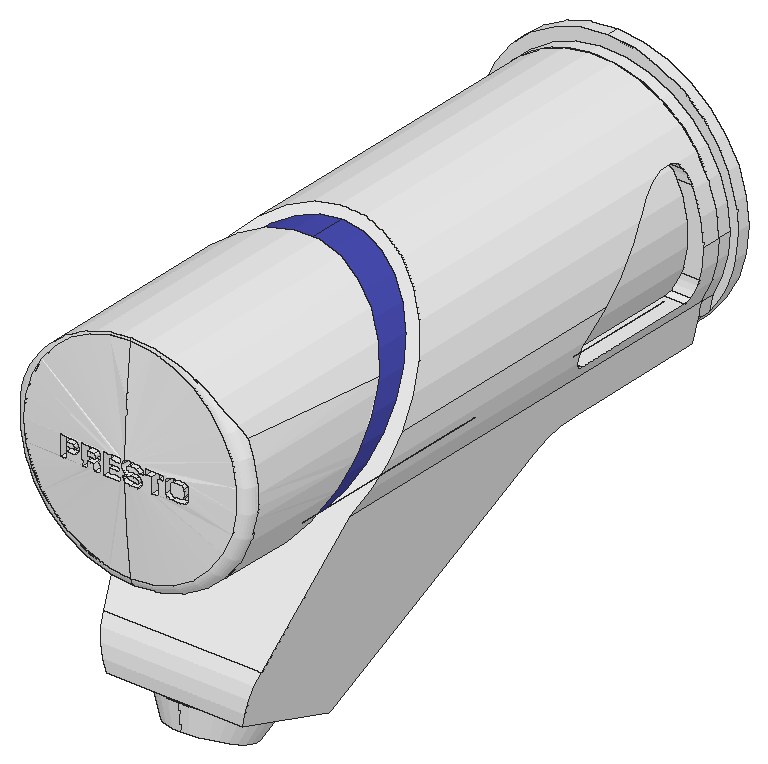
Revit family "20100-presto", category Plumbing Fixtures, Revit 2022
Family settings
  Round Connector Dimension = Use Diameter
  Part Type = Normal
  OmniClass Number = 23.45.00.00
  OmniClass Title = Sanitary, Laundry, and Cleaning Equipment
  Work Plane-Based = Yes
  Always vertical = Yes
  Cut with Voids When Loaded = No
  Maintain Annotation Orientation = No
  Shared = No
  Room Calculation Point = No
Parameters (values of type "20100-presto")
  ref = "20100 - PRESTOMAT 2010"
  pressure = 5.00 psi
  power = 0 VA
  flow = 4 GPM
  brand = "LES ROBINETS PRESTO"
  URL = "https://www.prestodatashare.com/espacedoc/Fiches_Techniques/GB/20100.pdf"
  Ref [instance] = "20100 - PRESTOMAT 2010"
  Range [instance] = "Single wall-mounted tap"
  Model = "20100"
  Manufacturer = "PRESTO"
  Function [instance] = "2 position directional grid: 17° or 25"
  Description = "Single wall-mounted tap2 position directional grid: 17° or 25"
  Default Elevation = 1219.2 mm
  Assembly Code = "20100"
  > Thermal resistance : = 75.0000 (h·ft²·°F)/BTU
  > Standards & approvals = "Acoustic class I"
  -Delivered with = "1 G 1/2\" nut for 12x14 tube with filter gasket"
  - Hydraulic supply = 12.500"
Reference planes
  plane 1 "Center (Front/Back)": y = 0
  plane 2: z = 0
  plane 3 "Center (Left/Right)": x = 0
  plane 4: through (12192, -65.521, -9.371) normal (0, -0.4226, -0.9063)
  plane 5 "h": through (12192, -65.521, -9.371) normal (0, -0.4226, -0.9063)
Forms (mm)
  Sweep 1, solid, not visible
    path origin (0, 22.5, -26.25) x (0, 1, 0) y (0, 0, 1)
      loop
        arc (-82.38, 877.419) -> (-70.707, 896.881) -> (-51.816, 909.457) r 51.625
        line (-51.816, 909.457) -> (-5.123, 927.339)
    profile origin (0, -5.969, 892.148) x (0, -0.357627, 0.933864) y (1, 0, 0)
      loop
        circle (0, 0) r 32
  Extrusion 2, void, not visible
    sketch origin (0, 5, -5) x (0, 1, 0) y (0, 0, 1)
      loop
        line (-4.972, 858.23) -> (38.74, 851.142) -> (-4.972, 954.12) -> (-4.972, 858.23)
    from -37.766 to 37.429
  Extrusion 3, void, not visible
    sketch origin (0, 5, 0) x (0, 1, 0) y (0, 0, 1)
      loop
        line (-97.605, 876.802) -> (-110.037, 868.235) -> (-40.842, 820.376) -> (-12.303, 848.915) -> (-10.845, 854.896)
        arc (-10.845, 854.896) -> (-15.861, 855.06) -> (-20.831, 854.372) r 29.51
        arc (-20.831, 854.372) -> (-23.402, 853.356) -> (-26.157, 853.587) r 6.056
        line (-26.157, 853.587) -> (-97.605, 876.802)
    from -73.679 to 42.444
  Revolve 4, solid, not visible
    sketch origin (0, 7.5, -1.25) x (0, 1, 0) y (0, 0, 1)
      loop
        arc (-88.138, 874.053) -> (-88.441, 873.568) -> (-88.356, 873.003) r 0.827
        arc (-88.356, 873.003) -> (-87.631, 872.662) -> (-86.856, 872.457) r 4.422
        arc (-86.856, 872.457) -> (-86.458, 872.601) -> (-86.186, 872.926) r 0.816
        arc (-86.186, 872.926) -> (-85.541, 872.882) -> (-84.992, 872.541) r 1.335
        arc (-84.992, 872.541) -> (-85.04, 872.051) -> (-84.627, 871.783) r 0.474
        line (-84.627, 871.783) -> (-81.585, 870.615)
        arc (-81.585, 870.615) -> (-81.911, 871.01) -> (-81.74, 871.492) r 0.519
        line (-81.74, 871.492) -> (-73.355, 868.768)
        arc (-73.355, 868.768) -> (-73.46, 868.135) -> (-73.053, 867.639) r 0.776
        line (-73.053, 867.639) -> (-70.346, 866.76) -> (-70.035, 867.717) -> (-64.453, 865.903)
        arc (-64.453, 865.903) -> (-64.538, 865.321) -> (-64.259, 864.803) r 0.939
        line (-64.259, 864.803) -> (-61.374, 863.865) -> (-61.032, 864.919) -> (-88.138, 874.053)
      axis (-60.936, 865.215) -> (-61.38, 863.846)
    angle from 0 to 360
  Extrusion 5, void, not visible
    sketch origin (0, 317.469, 59.255) x (1, 0, 0) y (0, 0.939693, 0.34202)
      loop
        circle (0.343, -12.888) r 5
    from 923.253 to 997.191
  Revolve 6, solid, not visible
    sketch origin (0, 0, 0) x (0, 1, 0) y (0, 0, 1)
      loop
        line (21.581, 891.43) -> (21.581, 902.116) -> (0, 902.116) -> (0, 891.43) -> (21.581, 891.43)
      axis (21.581, 891.43) -> (0, 891.43)
    angle from 0 to 360
  Extrusion 7, solid, material "stain"
    sketch origin (-16.215, -0.845, -11.25) x (0, 1, 0) y (0, 0, 1)
      loop
        line (-31.895, -9.614) -> (-2.694, -9.614) -> (-2.694, 35.264) -> (-62.694, 35.264) -> (-103.962, -23.673)
        arc (-103.962, -23.673) -> (-105.887, -28.144) -> (-105.878, -33.012) r 12
        line (-105.878, -33.012) -> (-82.961, -41.353)
        arc (-82.961, -41.353) -> (-82.531, -41.472) -> (-82.085, -41.445) r 1.357
        line (-82.085, -41.445) -> (-40.5, -12.327)
        arc (-40.5, -12.327) -> (-36.406, -10.308) -> (-31.895, -9.614) r 15.003
      loop
        arc (-6.387, 20.976) -> (-6.497, 22.238) -> (-6.825, 23.461) r 7.266
        arc (-6.825, 23.461) -> (-7.414, 24.346) -> (-8.384, 24.779) r 1.913
        line (-8.384, 24.779) -> (-11.383, 24.779)
        arc (-11.383, 24.779) -> (-15.188, 23.458) -> (-18.492, 21.156) r 14.742
        spline (-18.492, 21.156) -> (-19.804, 20.006) -> (-21.137, 18.835) -> (-22.488, 17.646) -> (-23.854, 16.443) -> (-25.23, 15.229) -> (-26.612, 14.009) -> (-27.996, 12.785) -> (-29.378, 11.562) -> (-30.753, 10.342) -> (-32.119, 9.13) -> (-33.47, 7.929) -> (-34.796, 6.735)
        arc (-34.796, 6.735) -> (-35.594, 5.58) -> (-35.771, 4.188) r 2.968
        arc (-35.771, 4.188) -> (-35.752, 3.438) -> (-35.543, 2.716) r 2.934
        arc (-35.543, 2.716) -> (-35.285, 2.249) -> (-34.946, 1.836) r 2.962
        arc (-34.946, 1.836) -> (-34.216, 1.291) -> (-33.355, 0.994) r 2.969
        line (-33.355, 0.994) -> (-8.384, 0.994)
        arc (-8.384, 0.994) -> (-7.734, 1.158) -> (-7.24, 1.613) r 1.366
        arc (-7.24, 1.613) -> (-6.604, 3.149) -> (-6.387, 4.797) r 6.367
        line (-6.387, 4.797) -> (-6.387, 20.976)
    from -10.926 to 42.004
  Extrusion 8, void
    sketch origin (-16.215, -0.845, -11.25) x (1, 0, 0) y (0, 0, 1)
      loop
        arc (39.733, 10.737) -> (9.721, 33.587) -> (-4.319, -1.424) r 23.705
        line (-4.319, -1.424) -> (4.758, -42.307)
        arc (4.758, -42.307) -> (16.029, -42.444) -> (27.299, -42.307) r 464.724
        line (27.299, -42.307) -> (36.376, -1.424)
        arc (36.376, -1.424) -> (38.879, 4.429) -> (39.733, 10.737) r 23.705
      loop
        line (54.064, 49.987) -> (-20.936, 49.987) -> (-20.936, -55.013) -> (54.064, -55.013) -> (54.064, 49.987)
    from 0 to 250
  Revolve 9, solid, material "stain"
    sketch origin (-0.563, 101.772, -9.375) x (0, -1, 0) y (0, 0, 1)
      loop
        line (151.249, 30.937) -> (108.018, 30.937) -> (108.018, 10) -> (151.249, 10) -> (151.249, 30.937)
      axis (151.249, 10) -> (108.018, 10)
    angle from 0 to 360
  Revolve 10, solid, material "stain"
    sketch origin (-0.731, 91.549, -8.75) x (0, -1, 0) y (0, 0, 1)
      loop
        line (205.845, 33.737) -> (164.562, 34.097) -> (164.562, 10.737) -> (209.754, 10.737)
        arc (209.754, 10.737) -> (209.39, 21.186) -> (208.299, 31.584) r 150
        arc (208.299, 31.584) -> (207.471, 33.116) -> (205.845, 33.737) r 2.5
      axis (209.754, 10.737) -> (164.562, 10.737)
    angle from 0 to 360
  Extrusion 11, void
    sketch origin (-0.731, 91.549, -8.75) x (0, -1, 0) y (0, 0, 1)
      loop
        line (164.562, 34.097) -> (164.562, -16.466) -> (165.266, -17.471) -> (199.345, -17.471) -> (164.562, 34.097)
    from -35.035 to 44.788
  Revolve 12, solid, material "stain"
    sketch origin (-0.59, -1.158, -10.938) x (0, 1, 0) y (0, 0, 1)
      loop
        line (-94.42, -37.182) -> (-96.372, -42.546) -> (-89.086, -45.197) -> (-85.328, -41.439) -> (-85.023, -40.602) -> (-94.42, -37.182)
      axis (-94.42, -37.182) -> (-96.372, -42.546)
    angle from 0 to 360
  Revolve 13, solid, material "stain"
    sketch origin (-0.299, -160.845, -12.813) x (0, 1, 0) y (0, 0, 1)
      loop
        line (162.392, 38.39) -> (158.443, 38.39)
        arc (158.443, 38.39) -> (157.646, 38.027) -> (157.397, 37.187) r 1.056
        line (157.397, 37.187) -> (157.397, 12.862) -> (162.392, 12.862) -> (162.392, 38.39)
      axis (162.392, 12.862) -> (157.397, 12.862)
    angle from 0 to 360
  Revolve 14, solid, material "Default New Material"
    sketch origin (-0.563, 116.772, -9.375) x (0, -1, 0) y (0, 0, 1)
      loop
        line (169.26, 30.937) -> (169.26, 10) -> (223.553, 10) -> (223.553, 30.937) -> (169.26, 30.937)
      axis (223.553, 10) -> (169.26, 10)
    angle from 0 to 360
  Revolve 15, solid
    sketch origin (0, 0, 0) x (0, 1, 0) y (0, 0, 1)
      loop
        line (1.547, 0.049) -> (16.547, 0.049) -> (16.547, 7.549) -> (1.547, 7.549) -> (1.547, 0.049)
      axis (1.547, 0.049) -> (16.547, 0.049)
    angle from 0 to 360
  Extrusion 16, void
    sketch origin (-379.48, 40.834, -474.21) x (1, 0, 0) y (0, 0, 1)
      loop
        line (367.015, 472.619) -> (367.015, 473.902) -> (368.404, 473.902)
        arc (368.404, 473.902) -> (369.732, 475.231) -> (368.404, 476.559) r 1.329
        line (368.404, 476.559) -> (365.825, 476.559) -> (365.825, 472.619) -> (367.015, 472.619)
      loop
        arc (368.422, 474.835) -> (368.813, 475.225) -> (368.422, 475.616) r 0.391
        line (368.422, 475.616) -> (367.015, 475.616) -> (367.015, 474.835) -> (368.422, 474.835)
      loop
        line (371.36, 473.865) -> (372.495, 473.865) -> (372.784, 472.63) -> (373.936, 472.63) -> (373.936, 473.471)
        arc (373.936, 473.471) -> (373.86, 473.961) -> (373.639, 474.406) r 1.62
        arc (373.639, 474.406) -> (373.94, 475.021) -> (373.927, 475.706) r 1.461
        arc (373.927, 475.706) -> (373.722, 476.399) -> (373.065, 476.699) r 0.871
        line (373.065, 476.699) -> (370.209, 476.699) -> (370.209, 472.63) -> (371.36, 472.63) -> (371.36, 473.865)
      loop
        arc (372.662, 474.834) -> (373.064, 475.236) -> (372.662, 475.638) r 0.402
        line (372.662, 475.638) -> (371.333, 475.638) -> (371.333, 474.834) -> (372.662, 474.834)
      loop
        line (377.979, 473.431) -> (375.785, 473.431) -> (375.785, 474.256) -> (377.764, 474.256) -> (377.764, 475.056) -> (375.785, 475.056) -> (375.785, 475.851) -> (377.979, 475.851) -> (377.979, 476.751) -> (374.574, 476.751) -> (374.574, 472.63) -> (377.979, 472.63) -> (377.979, 473.431)
      loop
        line (379.759, 472.587) -> (380.931, 472.587)
        arc (380.931, 472.587) -> (382.166, 473.822) -> (380.931, 475.056) r 1.235
        arc (380.931, 475.056) -> (380.182, 475.122) -> (379.432, 475.056) r 4.333
        arc (379.432, 475.056) -> (379.033, 475.455) -> (379.432, 475.854) r 0.399
        arc (379.432, 475.854) -> (380.249, 475.979) -> (381.066, 475.854) r 2.742
        arc (381.066, 475.854) -> (381.425, 475.618) -> (381.661, 475.259) r 1.065
        line (381.661, 475.259) -> (382.52, 475.259)
        arc (382.52, 475.259) -> (382.141, 476.27) -> (381.193, 476.786) r 1.546
        arc (381.193, 476.786) -> (380.091, 476.865) -> (378.99, 476.786) r 7.787
        arc (378.99, 476.786) -> (378.47, 476.425) -> (378.205, 475.851) r 1.206
        arc (378.205, 475.851) -> (378.46, 474.721) -> (379.434, 474.095) r 1.526
        arc (379.434, 474.095) -> (380.237, 474.294) -> (381.063, 474.295) r 3.414
        arc (381.063, 474.295) -> (381.495, 473.863) -> (381.063, 473.431) r 0.432
        arc (381.063, 473.431) -> (380.165, 473.539) -> (379.317, 473.855) r 3.813
        line (379.317, 473.855) -> (378.367, 473.96)
        arc (378.367, 473.96) -> (378.782, 472.988) -> (379.759, 472.587) r 1.393
      loop
        line (383.943, 472.652) -> (385.16, 472.652) -> (385.16, 475.5) -> (386.287, 475.5) -> (386.287, 476.583) -> (382.778, 476.583) -> (382.778, 475.5) -> (383.943, 475.5) -> (383.943, 472.652)
      loop
        arc (386.614, 473.692) -> (386.911, 472.974) -> (387.629, 472.677) r 1.015
        line (387.629, 472.677) -> (389.822, 472.677)
        arc (389.822, 472.677) -> (390.535, 472.972) -> (390.831, 473.685) r 1.009
        line (390.831, 473.685) -> (390.831, 475.585)
        arc (390.831, 475.585) -> (390.544, 476.279) -> (389.851, 476.566) r 0.98
        line (389.851, 476.566) -> (387.602, 476.566)
        arc (387.602, 476.566) -> (386.903, 476.276) -> (386.614, 475.577) r 0.989
        line (386.614, 475.577) -> (386.614, 473.692)
      loop
        arc (387.526, 474.034) -> (387.69, 473.637) -> (388.087, 473.472) r 0.562
        line (388.087, 473.472) -> (389.449, 473.472)
        arc (389.449, 473.472) -> (389.846, 473.637) -> (390.01, 474.034) r 0.562
        line (390.01, 474.034) -> (390.01, 475.35)
        arc (390.01, 475.35) -> (389.877, 475.713) -> (389.541, 475.904) r 0.562
        line (389.541, 475.904) -> (387.996, 475.904)
        arc (387.996, 475.904) -> (387.659, 475.713) -> (387.526, 475.35) r 0.562
        line (387.526, 475.35) -> (387.526, 474.034)
    from 157.242 to 163.018
Cuts and joins
  Extrusion 8 cuts Extrusion 7
  Extrusion 8, Extrusion 11, Extrusion 16 cuts Revolve 10
  Extrusion 8 cuts Revolve 13
  Extrusion 11 cuts Revolve 9
Dimensions and locks
  aligned and locked: level to plane 2
Connectors
  piping at (0, 16.547, 0.049), diameter 15
    settings: on Revolve 15, index 1, connector inside diameter 24", connector length 0 mm, flow factor 0, pipe flow 0 GPM, pressure drop 0.00 psi, fitting loss kfactor 0, connector angle 0.00°, fixture units 0, engagement length 0 mm, angle of deflection 0.00°, flow configuration 0, flow direction 0, fitting loss method 0, system type 7, joint type 0, gender type 0, connector reference index -1, connector utility 0, adjustable connector no, is connector primary yes, connector description ""
